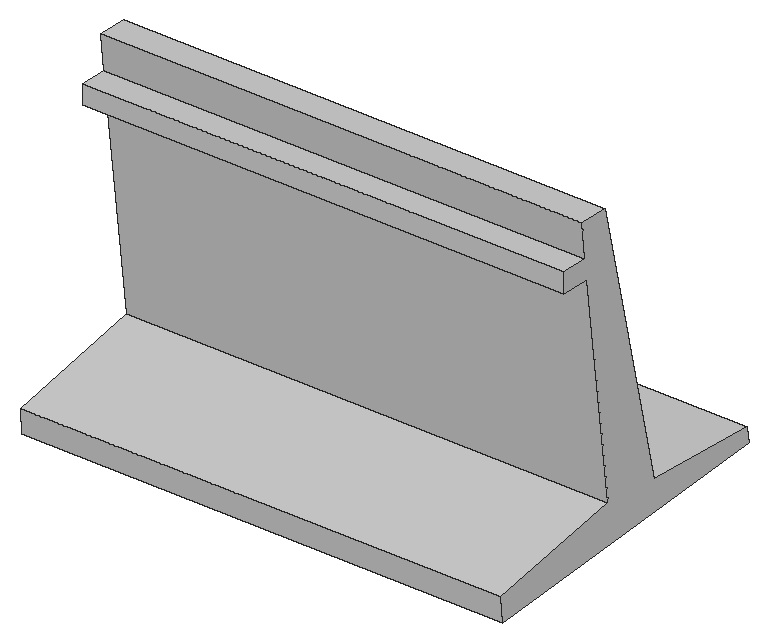
Revit family "M_ParedesdeRetenção_Par_Família_Prateleira1", category Fundações estruturais, Revit 2019
Family settings
  Material para o comportamento do modelo = Outros
  Cap = Não
  Número OmniClass = 23.10.20.14
  Título OmniClass = Retaining Walls
  ID de item do Seek = RetainingWall_Par_Family_Shelf1-0000-CAN-ENU
  Com base no plano de trabalho = Não
  Sempre na vertical = Sim
  Corte com vazios quando carregada = Não
  Compartilhado = Não
Parameters (values of type "Padrão")
  hdiff = h3 - h4  # 52.686 mm
  h7 = h4 - h6  # 2837.275 mm
  h6 = Gw1 * tan(Alfa - Beta)  # -10.476 mm
  h4 = (H - Gf3 * cos(Alfa) + Bw * sin(Alfa)) / cos(Beta)  # 2826.799 mm
  h3 = (H - Gf3 * cos(Alfa) + (Bw + Gw2) * sin(Alfa)) / cos(Beta)  # 2879.485 mm
  h2 = (Bw + Gw2) * sin(Alfa)  # 156.88 mm
  h1 = Gf4 * cos(Alfa)  # 398.478 mm
  TmpBs1 = Gf4 * sin(Alfa) + (Bw + Gw2) * cos(Alfa) + (H - Hs1 - Gs1 - h1 + h2) * sin(Beta) + Bs1  # 2395.931 mm
  Tmp2 = (Bw + Gf3 * tan(Alfa - Gama)) * cos(Alfa - Gama)  # 1146.31 mm
  Tmp1 = (Bw + Gw2 + Gf4 * tan(Alfa - Beta)) * cos(Alfa - Beta)  # 1784.944 mm
  Structural Material [instance] = Concreto - Moldado in loco
  Length [instance] = 5000 mm
  Hs1 = 360 mm
  Hk = 200 mm
  H = 3000 mm
  Gw2 = 600 mm
  Gw1 = 300 mm
  Gs1 = 200 mm
  Gk = 250 mm
  Gf4 = 400 mm
  Gf3 = 300 mm
  Gf2 = 250 mm
  Gf1 = 150 mm
  Gama2 = atan((Gw2 * cos(Alfa - Beta) - Gw1 * cos(Alfa - Beta)) / h7)  # 6.03211°
  Gama = Gama2 + Beta  # 13.0321°
  Bw = 1200 mm
  Bs1 = 300 mm
  Bk = 300 mm
  Beta = 7.00°
  B = 3200 mm
  Assembly Code = ""
  Alfa = 5.00°
Reference planes
  plane 1 "Centro (Frente/Trás)": y = 0
  plane 2: z = 0
  plane 3 "Centro (Esquerda/Direita)": x = 0
  plane 4: z = 3000
  plane 5: x = 5000
  plane 6: z = 2640
  plane 7: z = 2440
  plane 8: y = -2395.931
Forms (mm)
  Sweep 1, solid, material "Concreto - Moldado in loco" <- "Structural Material"
    path origin (0, 0, 0) x (1, 0, 0) y (0, 1, 0)
      loop
        line (0, 0) -> (5000, 0)
    profile "M_Prateleira1-Perfil : M_Prateleira1-Perfil" origin (2500, 0, 0) x (0, 1, 0) y (0, 0, 1)
      loop
        line (-1870.99, 3000) -> (-2166.702, 3000) -> (-2122.5, 2640) -> (-2395.931, 2640) -> (-2395.931, 2440) -> (-2097.943, 2440) -> (-1828.013, 241.598) -> (-3209.612, -29.85) -> (-3187.823, -278.898) -> (0, 0) -> (-13.073, 149.429) -> (-1221.58, 194.272) -> (-1870.99, 3000)
Dimensions and locks
  "H": plane 4 to plane 2
  "Length": plane 3 "Centro (Esquerda/Direita)" to plane 5
  "Hs1": plane 4 to plane 6
  "Gs1": plane 6 to plane 7
  "TmpBs1": plane 8 to plane 1 "Centro (Frente/Trás)"
  aligned and locked: plane 3 "Centro (Esquerda/Direita)" to Sweep 1 sketch curve
  aligned and locked: plane 1 "Centro (Frente/Trás)" to Sweep 1 sketch curve
  aligned and locked: plane 5 to Sweep 1 sketch curve
